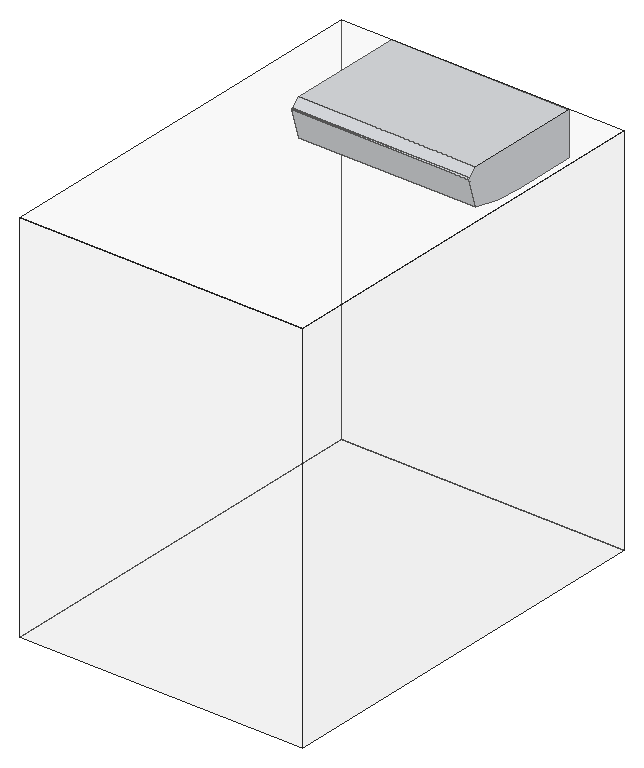
Revit family "pc-rp40_160kal19_60hz", category 機械設備, Revit 2019
Family settings
  丸型コネクタ寸法 = 直径を使用
  パーツ タイプ = 標準
  OmniClass 番号 = 23.75.10.24.21.27.27
  OmniClass タイトル = Split System Air Conditioning Units
  作業面ベース = いいえ
  常に垂直 = はい
  ロード時にボイドで切り取り = いいえ
  共有 = いいえ
  部屋計算ポイント = はい
Parameters (values of type "天吊_PC-RP40KA19")
  風量_静 (㎥/min) = 9
  風量_弱 (㎥/min) = 10
  風量_中 (㎥/min) = 11
  風量_強 (㎥/min) = 13
  風量 = MAX風量  # 780.0 m³/h
  音響パワーレベル_静 (dB) = 48
  音響パワーレベル_弱 (dB) = 50
  音響パワーレベル_中 (dB) = 53
  音響パワーレベル_強 (dB) = 55
  音響パワーレベル(dB) = [音響パワーレベル_強 (dB)]  # 55
  電源種別 = ""
  電源_H = 0 mm
  電圧 = 0 V
  電動機出力_送風機 = 0.09 kW
  運転質量 = 0.00 kg
  連動 = ""
  質量 = if(製品質量 > 運転質量, 製品質量, 運転質量) * 1.2  # 28.80 kg
  負荷分類 = 3_ファン類
  説明 = "店舗・事務所用パッケージエアコン(Mr.SLIM) [本体] 天吊形室内機"
  設計暖房能力 = 0.00 kW
  設計冷房能力_顕熱 = 0 kW
  設計冷房能力 = 0 kW
  設置方法 = "天井吊形"
  記号 = ""
  製造元 = "三菱電機株式会社"
  製品質量 = 24.00 kg
  製品出荷対象 = "国内"
  製品リリース年月 = ""
  製品グループ = ""
  背面_液管接続口 = 184 mm
  背面_ドレン管接続口 = 233 mm
  背面_ガス管接続口 = 203 mm
  系統 = ""
  符号 = "ACP-CR"
  積算_科目 = "1 空気調和設備"
  積算_拾い区分 [instance] = ""
  相 = 1
  盤記号 = ""
  発停方法 = "付属スイッチ"
  特殊仕様 = ""
  点検口離隔 [instance] = if(点検口離隔入力値 > 200 mm, 200 mm, if(点検口離隔入力値 < 150 mm, 150 mm, 点検口離隔入力値))  # 150 mm
  点検口離隔入力値 [instance] = 0 mm
  点検口設置範囲 = 0 mm
  点検口 = yes
  火災停止 = ""
  消費電力_暖房 = 0.04 kW
  消費電力_冷房 = 0.05 kW
  消費電力 = if(消費電力_冷房 > 消費電力_暖房, 消費電力_冷房, 消費電力_暖房)  # 0.05 kW
  法定耐用年数 = "6"
  極数 = 1
  材質 = ""
  本体マテリアル = none
  有効加湿量 = 0
  暖房能力 = 4.00 kW
  推奨ブレーカー容量 = 0 A
  形式_加湿器 = ""
  形式 = "天井吊（露出）形"
  幹線記号 = ""
  始動方式 = "直入"
  呼称 = "室内機_天井吊(露出)形"
  周波数 = 60 Hz
  吊り位置Y = 320 mm
  吊り位置X = 917 mm
  吊りボルト_H = 50 mm
  台数_手元リモコン = ""
  台数_冷媒分岐ユニット = ""
  参照している仕様書等のバージョン = "公共建築物標準仕様書（機械設備工事編）平成31年度版"
  加湿給水管径 = 0 mm
  分類コード = "50053003221080"
  分類グループ = ""
  冷房能力 = 3.6 kW
  冷媒高低圧ガス管径 = 0 mm
  冷媒管径符号 = "Ac"
  冷媒管径 = 100 mm
  冷媒液管高さ = 126 mm
  冷媒液管径 = 6.35 mm
  冷媒ガス管高さ = 126 mm
  冷媒ガス管径 = 12.7 mm
  価格 = 0
  企業コード = "108420"
  付属品_フィルター = ""
  付属品 = ""
  仕様書バージョン = "Version1.0"
  モデル = "PC-RP40KA19"
  パネルマテリアル = none
  ドレン管高さ = 190 mm
  ドレン管径 (外径) = 26 mm
  ドレン管径 = 20 mm
  サービススペース = yes
  コメント [instance] = ""
  ケーブル種類1 = ""
  ケーブルサイズ1 = 0 mm
  【値が 0 の項目は組合せ形名にてご確認ください】 = ""
  Width = 960 mm
  Version = ""
  Uniclass2015Version = "Systems v1.9"
  Uniclass2015Title = "Split coil remote air cooled condensing units"
  Uniclass2015Code = "Pr_70_65_03_84"
  URL = "https://www.mitsubishielectric.co.jp/ldg/wink/ssl/top.do"
  SpecificationReference = ""
  SpecificationDescription = ""
  Revision = ""
  ProductInformation = ""
  OmniClassCode = "23-33 17 13 11"
  MIN風量 = [風量_静 (㎥/min)] * 60.0 m³/h  # 540.0 m³/h
  MID風量2 = [風量_弱 (㎥/min)] * 60.0 m³/h  # 600.0 m³/h
  MID風量 = [風量_中 (㎥/min)] * 60.0 m³/h  # 660.0 m³/h
  MAX風量 = [風量_強 (㎥/min)] * 60.0 m³/h  # 780.0 m³/h
  IfcTypeProduct = ""
  IfcProduct = ""
  IfcExportType = "AIRCONDITIONINGUNIT"
  IfcExportAs = "IfcUnitaryEquipmentType"
  Height_本体 = 230 mm
  Height = Height_本体 + 6 mm  # 236 mm
  Depth = 680 mm
  Clearance Top = 1 mm
  Clearance Right = 300 mm
  Clearance Left = 270 mm
  Clearance Front = 1500 mm
  Clearance Bottom = 1800 mm
  Clearance Back = 0 mm
  Author = "三菱電機株式会社"
Types (20, lengths in mm): name | 風量_静 (㎥/min) | 風量_弱 (㎥/min) | 風量_中 (㎥/min) | 風量_強 (㎥/min) | 風量 | 音響パワーレベル_静 (dB) | 音響パワーレベル_弱 (dB) | 音響パワーレベル_中 (dB) | 音響パワーレベル_強 (dB) | 音響パワーレベル(dB) | 電動機出力_送風機 | 質量 | 製品質量 | 製品リリース年月 | 背面_液管接続口 | 背面_ガス管接続口 | 消費電力_暖房 | 消費電力_冷房 | 消費電力 | 暖房能力 | 吊り位置X | 冷房能力 | 冷媒管径符号 | 冷媒液管径 | 冷媒ガス管径 | モデル | Width | MIN風量 | MID風量2 | MID風量 | MAX風量
  天吊_PC-RP45KAL19 | 9 | 10 | 11 | 13 | 780.0 m³/h | 48 | 50 | 53 | 55 | 55 | 0.09 kW | 28.80 kg | 24.00 kg | "" | 184 | 203 | 0.04 kW | 0.05 kW | 0.05 kW | 4.50 kW | 917 | 4 kW | "Ac" | 6.35 | 12.7 | "PC-RP45KAL19" | 960 | 540.0 m³/h | 600.0 m³/h | 660.0 m³/h | 780.0 m³/h
  天吊_PC-RP56KAL19 | 10 | 11 | 12 | 13 | 780.0 m³/h | 48 | 50 | 53 | 55 | 55 | 0.09 kW | 30.00 kg | 25.00 kg | "" | 184 | 203 | 0.05 kW | 0.06 kW | 0.06 kW | 5.60 kW | 917 | 5 kW | "Ac" | 6.35 | 12.7 | "PC-RP56KAL19" | 960 | 600.0 m³/h | 660.0 m³/h | 720.0 m³/h | 780.0 m³/h
  天吊_PC-RP71KAL19 | 13 | 16 | 18 | 20 | 1200.0 m³/h | 50 | 53 | 55 | 57 | 57 | 0.095 kW | 38.40 kg | 32.00 kg | "" | 180 | 200 | 0.09 kW | 0.10 kW | 0.10 kW | 7.00 kW | 1237 | 6.3 kW | "Bd" | 9.5 | 15.9 | "PC-RP71KAL19" | 1280 | 780.0 m³/h | 960.0 m³/h | 1080.0 m³/h | 1200.0 m³/h
  天吊_PC-RP80KAL19 | 13 | 16 | 18 | 20 | 1200.0 m³/h | 50 | 53 | 55 | 57 | 57 | 0.095 kW | 38.40 kg | 32.00 kg | "" | 180 | 200 | 0.09 kW | 0.10 kW | 0.10 kW | 8.00 kW | 1237 | 7.1 kW | "Bd" | 9.5 | 15.9 | "PC-RP80KAL19" | 1280 | 780.0 m³/h | 960.0 m³/h | 1080.0 m³/h | 1200.0 m³/h
  天吊_PC-RP112KAL19 | 20 | 22 | 26 | 29 | 1740.0 m³/h | 54 | 56 | 59 | 62 | 62 | 0.16 kW | 45.60 kg | 38.00 kg | "" | 180 | 200 | 0.11 kW | 0.12 kW | 0.12 kW | 11.20 kW | 1557 | 10 kW | "Bd" | 9.5 | 15.9 | "PC-RP112KAL19" | 1600 | 1200.0 m³/h | 1320.0 m³/h | 1560.0 m³/h | 1740.0 m³/h
  天吊_PC-RP140KAL19 | 21 | 24 | 27 | 31 | 1860.0 m³/h | 56 | 58 | 61 | 63 | 63 | 0.16 kW | 45.60 kg | 38.00 kg | "0" | 180 | 200 | 0.13 kW | 0.14 kW | 0.14 kW | 14.00 kW | 1557 | 12.5 kW | "Bd" | 9.5 | 15.9 | "PC-RP140KAL19" | 1600 | 1260.0 m³/h | 1440.0 m³/h | 1620.0 m³/h | 1860.0 m³/h
  天吊_PC-RP160KAL19 | 22 | 25 | 28 | 33 | 1980.0 m³/h | 58 | 60 | 62 | 65 | 65 | 0.16 kW | 45.60 kg | 38.00 kg | "" | 180 | 200 | 0.16 kW | 0.17 kW | 0.17 kW | 16.00 kW | 1557 | 14 kW | "Bd" | 9.5 | 15.9 | "PC-RP160KAL19" | 1600 | 1320.0 m³/h | 1500.0 m³/h | 1680.0 m³/h | 1980.0 m³/h
  天吊_PC-RP63KAL19 | 12 | 14 | 15 | 17 | 1020.0 m³/h | 49 | 51 | 53 | 55 | 55 | 0.095 kW | 38.40 kg | 32.00 kg | "" | 184 | 203 | 0.06 kW | 0.07 kW | 0.07 kW | 6.30 kW | 1237 | 5.6 kW | "Ac" | 6.4 | 12.7 | "PC-RP63KAL19" | 1280 | 720.0 m³/h | 840.0 m³/h | 900.0 m³/h | 1020.0 m³/h
  天吊_PC-RP40KAL19 | 9 | 10 | 11 | 13 | 780.0 m³/h | 48 | 50 | 53 | 55 | 55 | 0.09 kW | 28.80 kg | 24.00 kg | "" | 184 | 203 | 0.04 kW | 0.05 kW | 0.05 kW | 4.00 kW | 917 | 3.6 kW | "Ac" | 6.35 | 12.7 | "PC-RP40KAL19" | 960 | 540.0 m³/h | 600.0 m³/h | 660.0 m³/h | 780.0 m³/h
  天吊_PC-RP50KAL19 | 10 | 11 | 12 | 13 | 780.0 m³/h | 48 | 50 | 53 | 55 | 55 | 0.09 kW | 30.00 kg | 25.00 kg | "" | 184 | 203 | 0.05 kW | 0.06 kW | 0.06 kW | 5.00 kW | 917 | 4.5 kW | "Ac" | 6.35 | 12.7 | "PC-RP50KAL19" | 960 | 600.0 m³/h | 660.0 m³/h | 720.0 m³/h | 780.0 m³/h
  天吊_PC-RP112KA19 | 20 | 22 | 26 | 29 | 1740.0 m³/h | 54 | 56 | 59 | 62 | 62 | 0.16 kW | 45.60 kg | 38.00 kg | "" | 180 | 200 | 0.11 kW | 0.12 kW | 0.12 kW | 11.20 kW | 1557 | 10 kW | "Bd" | 9.5 | 15.9 | "PC-RP112KA19" | 1600 | 1200.0 m³/h | 1320.0 m³/h | 1560.0 m³/h | 1740.0 m³/h
  天吊_PC-RP140KA19 | 21 | 24 | 27 | 31 | 1860.0 m³/h | 56 | 58 | 61 | 63 | 63 | 0.16 kW | 45.60 kg | 38.00 kg | "" | 180 | 200 | 0.13 kW | 0.14 kW | 0.14 kW | 14.00 kW | 1557 | 12.5 kW | "Bd" | 9.5 | 15.9 | "PC-RP140KA19" | 1600 | 1260.0 m³/h | 1440.0 m³/h | 1620.0 m³/h | 1860.0 m³/h
  天吊_PC-RP160KA19 | 22 | 25 | 28 | 33 | 1980.0 m³/h | 58 | 60 | 62 | 65 | 65 | 0.16 kW | 45.60 kg | 38.00 kg | "" | 180 | 200 | 0.16 kW | 0.17 kW | 0.17 kW | 16.00 kW | 1557 | 14 kW | "Bd" | 9.5 | 15.9 | "PC-RP160KA19" | 1600 | 1320.0 m³/h | 1500.0 m³/h | 1680.0 m³/h | 1980.0 m³/h
  天吊_PC-RP40KA19 | 9 | 10 | 11 | 13 | 780.0 m³/h | 48 | 50 | 53 | 55 | 55 | 0.09 kW | 28.80 kg | 24.00 kg | "" | 184 | 203 | 0.04 kW | 0.05 kW | 0.05 kW | 4.00 kW | 917 | 3.6 kW | "Ac" | 6.35 | 12.7 | "PC-RP40KA19" | 960 | 540.0 m³/h | 600.0 m³/h | 660.0 m³/h | 780.0 m³/h
  天吊_PC-RP45KA19 | 9 | 10 | 11 | 13 | 780.0 m³/h | 48 | 50 | 53 | 55 | 55 | 0.09 kW | 28.80 kg | 24.00 kg | "" | 184 | 203 | 0.04 kW | 0.05 kW | 0.05 kW | 4.50 kW | 917 | 4 kW | "Ac" | 6.35 | 12.7 | "PC-RP45KA19" | 960 | 540.0 m³/h | 600.0 m³/h | 660.0 m³/h | 780.0 m³/h
  天吊_PC-RP50KA19 | 10 | 11 | 12 | 13 | 780.0 m³/h | 48 | 50 | 53 | 55 | 55 | 0.09 kW | 30.00 kg | 25.00 kg | "" | 184 | 203 | 0.05 kW | 0.06 kW | 0.06 kW | 5.00 kW | 917 | 4.5 kW | "Ac" | 6.35 | 12.7 | "PC-RP50KA19" | 960 | 600.0 m³/h | 660.0 m³/h | 720.0 m³/h | 780.0 m³/h
  天吊_PC-RP56KA19 | 10 | 11 | 12 | 13 | 780.0 m³/h | 48 | 50 | 53 | 55 | 55 | 0.09 kW | 30.00 kg | 25.00 kg | "" | 184 | 203 | 0.05 kW | 0.06 kW | 0.06 kW | 5.60 kW | 917 | 5 kW | "Ac" | 6.35 | 12.7 | "PC-RP56KA19" | 960 | 600.0 m³/h | 660.0 m³/h | 720.0 m³/h | 780.0 m³/h
  天吊_PC-RP63KA19 | 12 | 14 | 15 | 17 | 1020.0 m³/h | 49 | 51 | 53 | 55 | 55 | 0.095 kW | 38.40 kg | 32.00 kg | "" | 184 | 203 | 0.06 kW | 0.07 kW | 0.07 kW | 6.30 kW | 1237 | 5.6 kW | "Ac" | 6.4 | 12.7 | "PC-RP63KA19" | 1280 | 720.0 m³/h | 840.0 m³/h | 900.0 m³/h | 1020.0 m³/h
  天吊_PC-RP71KA19 | 13 | 16 | 18 | 20 | 1200.0 m³/h | 50 | 53 | 55 | 57 | 57 | 0.095 kW | 38.40 kg | 32.00 kg | "" | 180 | 200 | 0.09 kW | 0.10 kW | 0.10 kW | 7.00 kW | 1237 | 6.3 kW | "Bd" | 9.5 | 15.9 | "PC-RP71KA19" | 1280 | 780.0 m³/h | 960.0 m³/h | 1080.0 m³/h | 1200.0 m³/h
  天吊_PC-RP80KA19 | 13 | 16 | 18 | 20 | 1200.0 m³/h | 50 | 53 | 55 | 57 | 57 | 0.095 kW | 38.40 kg | 32.00 kg | "" | 180 | 200 | 0.09 kW | 0.10 kW | 0.10 kW | 8.00 kW | 1237 | 7.1 kW | "Bd" | 9.5 | 15.9 | "PC-RP80KA19" | 1280 | 780.0 m³/h | 960.0 m³/h | 1080.0 m³/h | 1200.0 m³/h
Reference planes
  plane 1 "中心(正面/背面)": y = 0
  plane 2: z = 0
  plane 3 "中心(左/右)": x = 0
  plane 4: z = 236
  plane 5: y = 260
  plane 6: y = -60
  plane 7: y = 340
  plane 8: y = -340
  plane 9: x = -480
  plane 10: x = 480
  plane 11: x = -750
  plane 12: x = 780
  plane 13 "back": y = 340
  plane 14: y = -1840
  plane 15: z = 237
  plane 16: z = -1800
  plane 17: x = 394
  plane 18: x = 309
  plane 19: z = 110
  plane 20 "液管": y = 156
  plane 21: y = 340
  plane 22 "ガス管": y = 137
  plane 23 "ドレン管": y = 107
  plane 24: x = 342
  plane 25: z = 46
  plane 26: x = -405
  plane 27: x = 351.5
Forms (mm)
  Extrusion 1, solid, detail levels fine
    sketch origin (0, 156, 0) x (0, 0, -1) y (1, 0, 0)
      loop
        circle (-110, 309) r 3.175
    from 0 to 100
  Extrusion 2, solid, detail levels fine
    sketch origin (0, 137, 0) x (0, 0, -1) y (1, 0, 0)
      loop
        circle (-110, 394) r 6.35
    from 0 to 100
  Extrusion 3, solid, detail levels fine
    sketch origin (0, 107, 0) x (0, 0, -1) y (1, 0, 0)
      loop
        circle (-46, 342) r 13
    from 0 to 100
  Extrusion 4, solid, detail levels fine
    sketch origin (0, 107, 0) x (0, 0, -1) y (1, 0, 0)
      loop
        circle (-46, -405) r 13
    from 0 to 100
  Extrusion 5, solid, detail levels fine
    sketch origin (0, 137, 0) x (0, 0, -1) y (1, 0, 0)
      loop
        circle (-110, 351.5) r 50
    from 0 to 120
Dimensions and locks
  "吊り位置Y": plane 6 to plane 5
  equal spacing: plane 8, plane 1 "中心(正面/背面)", plane 7
  "Depth": plane 8 to plane 7
  equal spacing: plane 9, plane 3 "中心(左/右)", plane 10
  "Width": plane 9 to plane 10
  "Clearance Back": plane 7 to plane 13 "back"
  "Clearance Front": plane 14 to plane 8
  "Clearance Right": plane 10 to plane 12
  "Clearance Left": plane 11 to plane 9
  "Height": plane 4 to level
  locked: plane 5 to plane 7 at 80
  "Clearance Bottom": level to plane 16
  "Clearance Top": plane 15 to plane 4
  plane 10 to plane 9 = 960 mm
  "背面_液管接続口": plane 20 "液管" to plane 21
  "背面_ガス管接続口": plane 22 "ガス管" to plane 21
  "背面_ドレン管接続口": plane 23 "ドレン管" to plane 21
  "冷媒ガス管高さ": plane 4 to plane 19
  "ドレン管高さ": plane 4 to plane 25
  plane 17 to plane 27 to plane 18 = 42.5 mm, 42.5 mm
  locked: plane 10 to plane 17 at 86
  locked: plane 17 to plane 18 at 85
  locked: plane 10 to plane 24 at 138
  locked: plane 26 to plane 9 at 75
  diameter of Extrusion 2 = 12.7 mm
  diameter of Extrusion 1 = 6.35 mm
  "ドレン管径 (外径)": diameter of Extrusion 3
  "ドレン管径 (外径)": diameter of Extrusion 4
  aligned and locked: level to plane 2
  aligned and locked: nested 2 to plane 5
  aligned and locked: plane 6 to nested 2
  aligned and locked: nested 1 to plane 11
  aligned and locked: nested 1 to plane 12
  aligned and locked: plane 14 to nested 1
  aligned and locked: plane 13 "back" to nested 1
  aligned and locked: plane 15 to nested 1
  aligned and locked: plane 1 "中心(正面/背面)" to nested 3
  aligned and locked: plane 3 "中心(左/右)" to nested 3
  aligned and locked: plane 16 to nested 1
  aligned and locked: Extrusion 1 to plane 20 "液管"
  aligned and locked: Extrusion 2 to plane 22 "ガス管"
  aligned and locked: Extrusion 3 to plane 23 "ドレン管"
  aligned and locked: Extrusion 4 to plane 23 "ドレン管"
Automatic sketch dimensions
  Extrusion 1 sketch curve to plane 18 = 0 mm
  Extrusion 1 sketch curve to plane 19 = 0 mm
  Extrusion 2 sketch curve to plane 17 = 0 mm
  Extrusion 2 sketch curve to plane 19 = 0 mm
  Extrusion 3 sketch curve to plane 24 = 0 mm
  Extrusion 3 sketch curve to plane 25 = 0 mm
  Extrusion 4 sketch curve to plane 25 = 0 mm
  Extrusion 4 sketch curve to plane 26 = 0 mm
  Extrusion 5 sketch curve to plane 19 = 0 mm
  Extrusion 5 sketch curve to plane 27 = 0 mm
  radius of Extrusion 1 sketch curve = 3.175 mm
  radius of Extrusion 2 sketch curve = 6.35 mm
  radius of Extrusion 3 sketch curve = 13 mm
  radius of Extrusion 4 sketch curve = 13 mm
  radius of Extrusion 5 sketch curve = 50 mm
Nested families
  nested 1: "サービススペース" at (15, -750, -781.5), visible <- "サービススペース", type "サービススペース"
    with Width 1530 mm, Height 2037 mm, Depth 2180 mm
  nested 2: "固定点" at (-458.5, -60, 0), type "固定点"
    with W 917 mm, D 320 mm
  nested 3: "PCFY-P-KMG" at (0, 0, 0), type "PCFY-P-KMG", detail levels fine
Connectors
  electrical at (196, 339, 206), driven by "極数", driven by "負荷分類", driven by "電圧", driven by "消費電力"
    settings: on nested 3, index 1, voltage 0 V, apparent load 50 VA, apparent load phase1 0 VA, apparent load phase2 0 VA, apparent load phase3 0 VA, power factor 1, load classification "3_ファン類", number of poles 1, system type 30, power factor state 1, is connector primary yes, connector utility no, sub classification motor no, connector description ""
  piping at (351.5, 137, 110), diameter 100, driven by "冷媒管径"
    settings: on Extrusion 5, index 2, connector inside diameter 609.6 mm, connector length 0 mm, flow factor 0, pipe flow 0.0 L/s, pressure drop 0.0 Pa, fitting loss kfactor 0, connector angle 0.00°, fixture units 0, engagement length 0 mm, angle of deflection 0.00°, flow configuration 1, flow direction 1, fitting loss method 4, system type 7, joint type 0, gender type 0, connector reference index -1, connector utility 0, adjustable connector no, is connector primary yes, connector description "冷媒管"
  piping at (342, 107, 46), diameter 20, driven by "ドレン管径"
    settings: on Extrusion 3, index 3, connector inside diameter 609.6 mm, connector length 0 mm, flow factor 0, pipe flow 0.0 L/s, pressure drop 0.0 Pa, fitting loss kfactor 0, connector angle 0.00°, fixture units 0, engagement length 0 mm, angle of deflection 0.00°, flow configuration 1, flow direction 2, fitting loss method 0, system type 16, joint type 0, gender type 0, connector reference index -1, connector utility 0, adjustable connector no, is connector primary no, connector description "ドレン管1"
  piping at (-405, 107, 46), diameter 20, driven by "ドレン管径"
    settings: on Extrusion 4, index 4, connector inside diameter 609.6 mm, connector length 0 mm, flow factor 0, pipe flow 0.0 L/s, pressure drop 0.0 Pa, fitting loss kfactor 0, connector angle 0.00°, fixture units 0, engagement length 0 mm, angle of deflection 0.00°, flow configuration 1, flow direction 2, fitting loss method 0, system type 16, joint type 0, gender type 0, connector reference index -1, connector utility 0, adjustable connector no, is connector primary no, connector description "ドレン管2"
Definition of nested family "サービススペース"
  Parameters (values of type "サービススペース")
    Width [instance] = 500 mm
    Height [instance] = 500 mm
    Depth [instance] = 500 mm
  Reference planes
    plane 1 "中心(正面/背面)": y = 0
    plane 2: z = 0
    plane 3 "中心(左/右)": x = 0
    plane 4: y = -250
    plane 5: x = 250
    plane 6: y = 250
    plane 7: x = -250
    plane 8: z = 250
    plane 9: z = -250
  Forms (mm)
    Extrusion 1, solid
      sketch origin (-638.939, 0, 72.39) x (1, 0, 0) y (0, 1, 0)
        loop
          line (388.939, 250) -> (388.939, -250) -> (888.939, -250) -> (888.939, 250) -> (388.939, 250)
      from -322.39 to 177.61
  Lines and regions (mm)
    symbolic lines
      curve 1: line (-250, 0, 250) -> (250, 0, 250)
      curve 2: line (-250, 0, -250) -> (-250, 0, 250)
      curve 3: line (250, 0, -250) -> (-250, 0, -250)
      curve 4: line (250, 0, 250) -> (250, 0, -250)
      curve 5: line (0, -250, 250) -> (0, 250, 250)
      curve 6: line (0, -250, -250) -> (0, -250, 250)
      curve 7: line (0, 250, -250) -> (0, -250, -250)
      curve 8: line (0, 250, 250) -> (0, 250, -250)
      curve 9: line (-250, 250, 0) -> (250, 250, 0)
      curve 10: line (-250, -250, 0) -> (-250, 250, 0)
      curve 11: line (250, -250, 0) -> (-250, -250, 0)
      curve 12: line (250, 250, 0) -> (250, -250, 0)
  Dimensions and locks
    equal spacing: plane 7, plane 3 "中心(左/右)", plane 5
    equal spacing: plane 4, plane 1 "中心(正面/背面)", plane 6
    "Depth": plane 4 to plane 6
    "Width": plane 7 to plane 5
    equal spacing: plane 8, plane 2, plane 9
    "Height": plane 8 to plane 9
    aligned and locked: plane 9 to curve 3
    aligned and locked: plane 7 to curve 2
    aligned and locked: curve 4 to plane 5
    aligned and locked: plane 5 to Extrusion 1
    aligned and locked: Extrusion 1 to plane 7
    aligned and locked: Extrusion 1 to plane 9
    aligned and locked: plane 8 to Extrusion 1
    aligned and locked: plane 9 to curve 7
  Automatic sketch dimensions
    plane 4 to Extrusion 1 sketch curve = 0 mm
    Extrusion 1 sketch curve to plane 7 = 0 mm
    Extrusion 1 sketch curve to plane 5 = 0 mm
    plane 6 to Extrusion 1 sketch curve = 0 mm
    curve 2 to plane 8 = 0 mm
    plane 4 to curve 11 = 0 mm
    curve 11 to plane 7 = 0 mm
    curve 11 to plane 5 = 0 mm
    plane 6 to curve 10 = 0 mm
    curve 7 to plane 4 = 0 mm
    curve 7 to plane 6 = 0 mm
    curve 6 to plane 8 = 0 mm
Definition of nested family "PCFY-P-KMG"
  Parameters (values of type "PCFY-P-KMG")
    配線取出口サイズ = 22 mm
    配線取出口-Z = 0 mm
    配線取出口-Y = 0 mm
    配線取出口-X = 0 mm
    液配管サイズ = 100 mm
    高さ = 236 mm
    奥行き = 680 mm
    吊りボルト_H = 50 mm
    冷媒配管サイズ = 6.35 mm
    冷媒液管径-Z = 0 mm
    冷媒液管径-Y = 0 mm
    冷媒液管径-X = 0 mm
    冷媒ガス管径-Z = 0 mm
    冷媒ガス管径-Y = 0 mm
    冷媒ガス管径-X = 0 mm
    吊りボルト-W = 917 mm
    マテリアル = none
    ドレン配管サイズ = 26 mm
    ドレン管径-Z = 0 mm
    ドレン管径-Y = 0 mm
    ドレン管径-X = 0 mm
    ガス配管サイズ = 12.7 mm
    吊りボルト-D = 320 mm
    幅さ = 960 mm
  Reference planes
    plane 1 "中心(正面/背面)": y = 0
    plane 2: z = 0
    plane 3 "中心(左/右)": x = 0
    plane 4: z = 236
    plane 5: x = -480
    plane 6: x = 480
    plane 7: y = 340
    plane 8: y = -340
    plane 9: y = -289
    plane 10: y = -330
    plane 11: y = -335
    plane 12: z = 84
    plane 13: z = 172
    plane 14: z = 195
    plane 15: z = 200
    plane 16: z = 40
    plane 17: x = -426.5
    plane 18: x = 426.5
    plane 19: y = -136
    plane 20: y = -193
    plane 21: y = 86
    plane 22: z = 110
    plane 23: x = -469
    plane 24: y = 156
    plane 25: y = 137
    plane 26: y = 94
    plane 27: x = -158
    plane 28: z = 206
    plane 29: x = 196
    plane 30: x = 158
    plane 31: y = 140
  Forms (mm)
    Extrusion 1, solid, material <- "マテリアル"
      sketch origin (480, 1296.25, 1200) x (0, 1, 0) y (0, 0, 1)
        loop
          line (-1585.25, -964) -> (-1626.25, -1000) -> (-1631.25, -1000) -> (-1636.25, -1005) -> (-1585.25, -1160)
          arc (-1585.25, -1160) -> (-1442.128, -1189.953) -> (-1296.25, -1200) r 1064.013
          line (-1296.25, -1200) -> (-956.25, -1200) -> (-956.25, -964) -> (-1585.25, -964)
      from -960 to 0
    Extrusion 2, solid, material <- "マテリアル"
      sketch origin (674, 0, 0) x (1, 0, 0) y (0, 0, 1)
        loop
          circle (-478, 206) r 11
      from -339 to -340
    Extrusion 3, solid, material <- "マテリアル"
      sketch origin (636, 0, 0) x (1, 0, 0) y (0, 0, 1)
        loop
          circle (-478, 206) r 11
      from -339 to -340
    Extrusion 4, solid, material <- "マテリアル"
      sketch origin (674, 0, -169) x (1, 0, 0) y (0, 0, 1)
        loop
          circle (-478, 206) r 11
      from -339 to -340
    Extrusion 5, solid, material <- "マテリアル"
      sketch origin (636, 0, -169) x (1, 0, 0) y (0, 0, 1)
        loop
          circle (-478, 206) r 11
      from -339 to -340
  Lines and regions (mm)
    model lines
      curve 1: line (426.5, -303.59, 84.341) -> (426.5, -332.355, 171.766)
      curve 2: line (426.5, -332.355, 171.766) -> (-426.5, -332.355, 171.766)
      curve 3: line (-426.5, -303.59, 84.341) -> (426.5, -303.59, 84.341)
      curve 4: line (-426.5, -332.355, 171.766) -> (-426.5, -303.59, 84.341)
      curve 5: line (-426.5, 310, 0) -> (-426.5, 86, 0)
      curve 6: line (426.5, 310, 0) -> (426.5, 86, 0)
      curve 7: line (426.5, 310, 0) -> (-426.5, 310, 0)
      curve 8: line (426.5, 86, 0) -> (-426.5, 86, 0)
      curve 9: line (426.5, 294, 0) -> (-426.5, 294, 0)
      curve 10: line (426.5, 278, 0) -> (-426.5, 278, 0)
      curve 11: line (426.5, 262, 0) -> (-426.5, 262, 0)
      curve 12: line (426.5, 246, 0) -> (-426.5, 246, 0)
      curve 13: line (426.5, 230, 0) -> (-426.5, 230, 0)
      curve 14: line (426.5, 214, 0) -> (-426.5, 214, 0)
      curve 15: line (426.5, 198, 0) -> (-426.5, 198, 0)
      curve 16: line (426.5, 182, 0) -> (-426.5, 182, 0)
      curve 17: line (426.5, 166, 0) -> (-426.5, 166, 0)
      curve 18: line (426.5, 150, 0) -> (-426.5, 150, 0)
      curve 19: line (426.5, 134, 0) -> (-426.5, 134, 0)
      curve 20: line (426.5, 118, 0) -> (-426.5, 118, 0)
      curve 21: line (426.5, 102, 0) -> (-426.5, 102, 0)
  Dimensions and locks
    equal spacing: plane 8, plane 1 "中心(正面/背面)", plane 7
    "奥行き": plane 8 to plane 7
    equal spacing: plane 5, plane 3 "中心(左/右)", plane 6
    "幅さ": plane 5 to plane 6
    "高さ": plane 4 to level
    locked: plane 8 to plane 11 at 5
    locked: plane 8 to plane 10 at 10
    locked: plane 8 to plane 9 at 51
    locked: plane 12 to level at 84
    locked: plane 14 to level at 195
    locked: plane 15 to level at 200
    locked: plane 16 to level at 40
    plane 17 to plane 18 = 853 mm
    locked: plane 5 to plane 17 at 53.5
    locked: plane 18 to plane 6 at 53.5
    locked: plane 13 to plane 12 at 88
    locked: plane 20 to plane 19 at 57
    locked: plane 19 to plane 7 at 476
    locked: plane 21 to plane 7 at 254
    locked: plane 4 to plane 22 at 126
    locked: plane 26 to plane 7 at 246
    locked: plane 24 to plane 7 at 184
    locked: plane 25 to plane 7 at 203
    locked: plane 5 to plane 27 at 322
    locked: plane 4 to plane 28 at 30
    plane 6 to plane 29 = 284 mm
    plane 29 to plane 30 = 38 mm
    "配線取出口サイズ": diameter of Extrusion 2 sketch curve
    "配線取出口サイズ": diameter of Extrusion 3 sketch curve
    "配線取出口サイズ": diameter of Extrusion 4 sketch curve
    "配線取出口サイズ": diameter of Extrusion 5 sketch curve
    aligned and locked: level to plane 2
    aligned and locked: Extrusion 1 sketch curve to plane 4
    aligned and locked: Extrusion 1 sketch curve to plane 7
    aligned and locked: Extrusion 1 sketch curve to level
    aligned and locked: plane 15 to Extrusion 1 sketch curve
    aligned and locked: plane 14 to Extrusion 1 sketch curve
    aligned and locked: plane 16 to Extrusion 1 sketch curve
    aligned and locked: Extrusion 1 to plane 5
    aligned and locked: plane 6 to Extrusion 1
    aligned and locked: curve 4 to plane 17
    aligned and locked: plane 18 to curve 1
    aligned and locked: curve 5 to plane 17
    aligned and locked: curve 6 to plane 18
    aligned and locked: curve 8 to plane 21
    aligned and locked: plane 28 to Extrusion 2 sketch curve
    aligned and locked: plane 7 to Extrusion 2
  Automatic sketch dimensions
    plane 7 to curve 7 = 30 mm
    curve 21 to plane 26 = 8 mm
    curve 21 to curve 20 = 16 mm
    plane 25 to curve 19 = 3 mm
    plane 24 to curve 18 = 6 mm
    curve 17 to plane 24 = 10 mm
    curve 17 to curve 16 = 16 mm
    curve 16 to curve 15 = 16 mm
    curve 15 to curve 14 = 16 mm
    curve 14 to curve 13 = 16 mm
    curve 13 to curve 12 = 16 mm
    curve 12 to curve 11 = 16 mm
    curve 11 to curve 10 = 16 mm
    curve 10 to curve 9 = 16 mm
    Extrusion 1 sketch curve to plane 8 = 0 mm
    Extrusion 1 sketch curve to plane 11 = 0 mm
    Extrusion 1 sketch curve to plane 10 = 0 mm
    Extrusion 1 sketch curve to plane 9 = 0 mm  (x2)
    Extrusion 1 sketch curve to plane 1 "中心(正面/背面)" = 0 mm
    Extrusion 1 to curve 1 = 24.459 mm
    curve 3 to Extrusion 1 = 46.68 mm
    Extrusion 1 to curve 4 = 53.5 mm
    Extrusion 1 to curve 3 = 53.5 mm
    Extrusion 2 sketch curve to plane 29 = 0 mm
    Extrusion 3 sketch curve to plane 28 = 0 mm
    Extrusion 3 sketch curve to plane 30 = 0 mm
    Extrusion 4 sketch curve to plane 29 = 0 mm
    Extrusion 4 sketch curve to plane 16 = 3 mm
    Extrusion 5 sketch curve to plane 30 = 0 mm
    Extrusion 5 sketch curve to plane 16 = 3 mm
Definition of nested family "固定点"
  Parameters (values of type "固定点")
    中心円 = 20 mm
    W [instance] = 1000 mm
    D [instance] = 1000 mm
  Reference planes
    plane 1 "中心(正面/背面)": y = 0
    plane 2: z = 0
    plane 3 "中心(左/右)": x = 0
    plane 4: x = 1000
    plane 5: y = 1000
  Lines and regions (mm)
    symbolic lines, detail levels fine
      curve 1: circle (0, 1000, 0) r 10 normal (0, 0, 1)
      curve 2: circle (0, 0, 0) r 10 normal (0, 0, 1)
      curve 3: circle (1000, 1000, 0) r 10 normal (0, 0, 1)
      curve 4: circle (1000, 0, 0) r 10 normal (0, 0, 1)
      curve 5: line (-200, 1000, 0) -> (1200, 1000, 0)
      curve 6: line (-200, 0, 0) -> (1200, 0, 0)
      curve 7: line (0, 1200, 0) -> (0, -200, 0)
      curve 8: line (1000, 1200, 0) -> (1000, -200, 0)
  Dimensions and locks
    "W": plane 3 "中心(左/右)" to plane 4
    "D": plane 1 "中心(正面/背面)" to plane 5
    "中心円": diameter of curve 1
    "中心円": diameter of curve 2
    "中心円": diameter of curve 3
    "中心円": diameter of curve 4
    aligned and locked: level to plane 2
    aligned and locked: plane 5 to curve 1
    aligned and locked: plane 3 "中心(左/右)" to curve 1
    aligned and locked: plane 3 "中心(左/右)" to curve 2
    aligned and locked: plane 1 "中心(正面/背面)" to curve 2
    aligned and locked: plane 4 to curve 3
    aligned and locked: plane 5 to curve 3
    aligned and locked: plane 1 "中心(正面/背面)" to curve 4
    aligned and locked: plane 4 to curve 4
    aligned and locked: plane 1 "中心(正面/背面)" to curve 6
    aligned and locked: curve 7 to plane 3 "中心(左/右)"
    aligned and locked: curve 8 to plane 4
  Automatic sketch dimensions
    curve 5 to plane 5 = 0 mm
    curve 6 to plane 3 "中心(左/右)" = 200 mm
    curve 5 to plane 3 "中心(左/右)" = 200 mm
    curve 4 to curve 6 = 200 mm
    curve 3 to curve 5 = 200 mm
    plane 1 "中心(正面/背面)" to curve 8 = 200 mm
    plane 1 "中心(正面/背面)" to curve 7 = 200 mm
    curve 3 to curve 8 = 200 mm
    curve 1 to curve 7 = 200 mm
